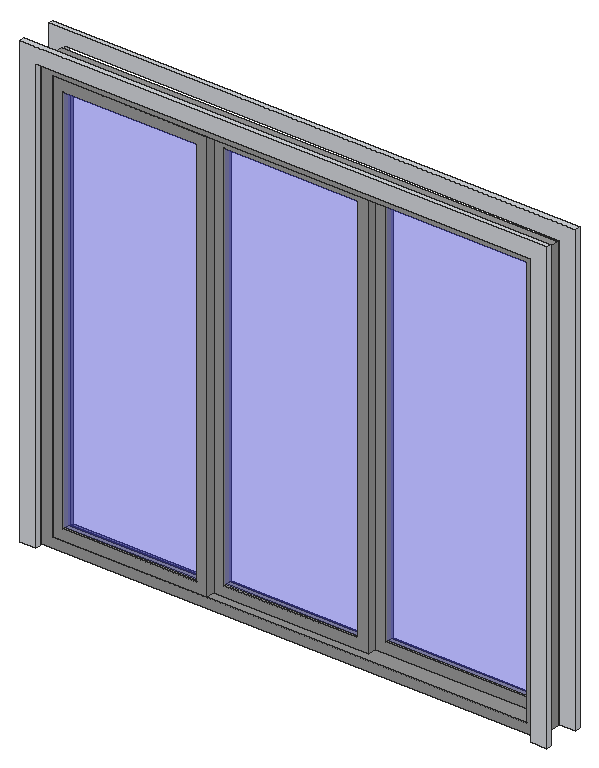
Revit family "Family75", category Doors, host Wall, Revit 2018
Family settings
  Host = Wall
  OmniClass Number = 23.30.10.00
  OmniClass Title = Doors
  Always vertical = Yes
  Cut with Voids When Loaded = No
  Shared = No
  Room Calculation Point = No
Parameters
  Visual Light Transmittance = 0
  URL = "www.skywardwindows.co.za"
  Thermal Resistance (R) = 0.2429 (m²·K)/W
  Telephone = "021 276 1800"
  Solar Heat Gain Coefficient = 0
  Manufacturer = "Skyward Windows"
  Heat Transfer Coefficient (U) = 4.1165 W/(m²·K)
  Glass Thickness = 4 mm
  Glass = Glass
  Function = Interior
  Frame Projection Ext. = 25 mm
  Frame Projection Int. = 25 mm
  Frame Width = 75 mm
  Height = 2090 mm
  Wall Closure = By host
  Width = 2390 mm
  Email Address = "info@skywardwindows.co.za"
  Door Thickness = 40.78 mm
  Door Frame = White
  Company Address = "Charles Matthews Street Atlantis 7349"
  Analytic Construction = "Metal frame, double glass door"
Reference planes
  plane 1: y = 0
  plane 2 "Center (Left/Right)": x = 0
  plane 3 "Left": x = -1195
  plane 4 "Right": x = 1195
  plane 5: z = 2090
  plane 6 "Exterior": y = 75
  plane 7 "Interior": y = -75
Forms (mm)
  Extrusion 1, solid
    sketch origin (-3050, -75, 0) x (1, 0, 0) y (0, 0, 1)
      loop
        line (1780, 0) -> (1855, 0) -> (1855, 2090) -> (4245, 2090) -> (4245, 0) -> (4320, 0) -> (4320, 2165) -> (1780, 2165) -> (1780, 0)
    from 0 to 25
  Extrusion 2, solid
    sketch origin (-3050, 75, 0) x (-1, 0, 0) y (0, 0, 1)
      loop
        line (-1855, 0) -> (-1780, 0) -> (-1780, 2165) -> (-4320, 2165) -> (-4320, 0) -> (-4245, 0) -> (-4245, 2090) -> (-1855, 2090) -> (-1855, 0)
    from 0 to 25
  Extrusion 3, solid, material "White" <- "Door Frame"
    sketch origin (0, -75, 0) x (1, 0, 0) y (0, 0, 1)
      loop
        line (-1195, 2090) -> (-1195, 0) -> (1195, 0) -> (1195, 2090) -> (-1195, 2090)
      loop
        line (-1145, 50) -> (1145, 50) -> (1145, 2040) -> (-1145, 2040) -> (-1145, 50)
    from -137 to -14.66
  Extrusion 4, solid, material "White" <- "Door Frame"
    sketch origin (0, -75, 0) x (1, 0, 0) y (0, 0, 1)
      loop
        line (-1145, 2040) -> (-1145, 50) -> (-399, 50) -> (-399, 2040) -> (-1145, 2040)
      loop
        line (-1095, 100) -> (-449, 100) -> (-449, 1990) -> (-1095, 1990) -> (-1095, 100)
    from -55.44 to -14.66
  Extrusion 5, solid, material "White" <- "Door Frame"
    sketch origin (746, -33, 0) x (1, 0, 0) y (0, 0, 1)
      loop
        line (-1145, 2040) -> (-1145, 50) -> (-399, 50) -> (-399, 2040) -> (-1145, 2040)
      loop
        line (-1095, 100) -> (-449, 100) -> (-449, 1990) -> (-1095, 1990) -> (-1095, 100)
    from -54.22 to -13.44
  Extrusion 6, solid, material "White" <- "Door Frame"
    sketch origin (1492, 9, 0) x (1, 0, 0) y (0, 0, 1)
      loop
        line (-1145, 2040) -> (-1145, 50) -> (-347, 50) -> (-347, 2040) -> (-1145, 2040)
      loop
        line (-1095, 100) -> (-397, 100) -> (-397, 1990) -> (-1095, 1990) -> (-1095, 100)
    from -53 to -12.22
  Extrusion 7, solid, material "Glass" <- "Glass"
    sketch origin (0, 0, 0) x (1, 0, 0) y (0, 1, 0)
      loop
        line (-1095, -25.84) -> (-1095, -29.84) -> (-449, -29.84) -> (-449, -25.84) -> (-1095, -25.84)
      loop
        line (-449, -49.84) -> (-1095, -49.84) -> (-1095, -53.84) -> (-449, -53.84) -> (-449, -49.84)
      loop
        line (-349, 14.94) -> (-349, 10.94) -> (297, 10.94) -> (297, 14.94) -> (-349, 14.94)
      loop
        line (297, -9.06) -> (-349, -9.06) -> (-349, -13.06) -> (297, -13.06) -> (297, -9.06)
      loop
        line (1095, 55.72) -> (397, 55.72) -> (397, 51.72) -> (1095, 51.72) -> (1095, 55.72)
      loop
        line (397, 31.72) -> (397, 27.72) -> (1095, 27.72) -> (1095, 31.72) -> (397, 31.72)
    from 100 to 1990
Lines and regions (mm)
  Opening 1
    outline origin (-3050, -75, 0) x (1, 0, 0) y (0, 0, 1)
      loop
        line (1855, 0) -> (4245, 0) -> (4245, 2090) -> (1855, 2090) -> (1855, 0)
  symbolic lines, style "Elevation Swing"
    curve 1: line (1195, -75, 1045) -> (-1195, -75, 2090)
    curve 2: line (1195, -75, 1045) -> (-1195, -75, 0)
Text (mm)
  text "Exterior" at (-2295.016, 1099.543, 0), in view "Ref. Level"
  text "Exterior" at (0, 1615.38, 3698.081), in view "Left"
  text "Exterior" at (0, 1036.032, 3874.932), in view "Right"
Dimensions and locks
  equal spacing: plane 3 "Left", plane 2 "Center (Left/Right)", plane 4 "Right"
  "Width": plane 3 "Left" to plane 4 "Right"
  "Height": plane 5 to host wall
  equal spacing: host wall, curve 2, plane 5
  host wall to plane 5 = 2090 mm
  "Frame Projection Ext.": Extrusion 2 to Extrusion 2
  "Frame Projection Int.": Extrusion 1 to Extrusion 1
  "Frame Width": plane 3 "Left" to Extrusion 1 sketch curve
  "Frame Width": plane 4 "Right" to Extrusion 1 sketch curve
  "Frame Width": Extrusion 1 sketch curve to plane 5
  "Frame Width": plane 4 "Right" to Extrusion 2 sketch curve
  "Frame Width": plane 3 "Left" to Extrusion 2 sketch curve
  "Frame Width": plane 5 to Extrusion 2 sketch curve
  locked: plane 6 "Exterior" to host wall at 0
  locked: plane 7 "Interior" to host wall
  "Door Thickness": Extrusion 4 to Extrusion 4
  "Door Thickness": Extrusion 5 to Extrusion 5
  "Door Thickness": Extrusion 6 to Extrusion 6
  "Glass Thickness": Extrusion 7 to Extrusion 7
  aligned and locked: plane 3 "Left" to Opening 1 sketch curve
  aligned and locked: plane 5 to Opening 1 sketch curve  (x2)
  aligned and locked: Opening 1 sketch curve to plane 4 "Right"
  aligned and locked: Opening 1 sketch curve to level
  aligned and locked: level to Extrusion 1 sketch curve
  aligned and locked: plane 5 to Extrusion 1 sketch curve  (x2)
  aligned and locked: Extrusion 1 sketch curve to plane 4 "Right"
  aligned and locked: plane 3 "Left" to Extrusion 1 sketch curve
  aligned and locked: plane 3 "Left" to Extrusion 2 sketch curve
  aligned and locked: plane 5 to Extrusion 2 sketch curve  (x2)
  aligned and locked: level to Extrusion 2 sketch curve
  aligned and locked: plane 5 to curve 1
  aligned and locked: plane 3 "Left" to curve 2
  aligned and locked: plane 1 to host wall
  aligned and locked: plane 3 "Left" to curve 1
  aligned and locked: Extrusion 5 to Extrusion 4
  aligned and locked: Extrusion 3 to Extrusion 6
  aligned and locked: Extrusion 6 to Extrusion 5
  aligned and locked: Extrusion 3 to Extrusion 4
  aligned and locked: Extrusion 7 to Extrusion 4  (x2)
Automatic sketch dimensions
  curve 2 to level = 0 mm
  plane 4 "Right" to curve 2 = 0 mm
  Extrusion 1 sketch curve to level = 0 mm
  plane 4 "Right" to Extrusion 2 sketch curve = 0 mm
  Extrusion 2 sketch curve to level = 0 mm
  Extrusion 3 sketch curve to level = 0 mm
  plane 3 "Left" to Extrusion 3 sketch curve = 0 mm
  plane 4 "Right" to Extrusion 3 sketch curve = 0 mm
  Extrusion 3 sketch curve to plane 5 = 0 mm
  Extrusion 3 sketch curve to plane 3 "Left" = 50 mm
  plane 4 "Right" to Extrusion 3 sketch curve = 50 mm
  level to Extrusion 3 sketch curve = 50 mm
  plane 5 to Extrusion 3 sketch curve = 50 mm
  Extrusion 4 sketch curve to plane 3 "Left" = 50 mm
  Extrusion 4 sketch curve to Extrusion 4 sketch curve = 50 mm  (x2)
  plane 5 to Extrusion 4 sketch curve = 100 mm
  Extrusion 4 sketch curve to plane 2 "Center (Left/Right)" = 449 mm
  level to Extrusion 4 sketch curve = 100 mm
  level to Extrusion 4 sketch curve = 50 mm
  plane 5 to Extrusion 4 sketch curve = 50 mm
  level to Extrusion 5 sketch curve = 50 mm
  Extrusion 5 sketch curve to plane 2 "Center (Left/Right)" = 399 mm
  Extrusion 5 sketch curve to Extrusion 5 sketch curve = 50 mm  (x3)
  plane 5 to Extrusion 5 sketch curve = 100 mm
  plane 2 "Center (Left/Right)" to Extrusion 5 sketch curve = 297 mm
  plane 5 to Extrusion 5 sketch curve = 50 mm
  level to Extrusion 6 sketch curve = 50 mm
  plane 2 "Center (Left/Right)" to Extrusion 6 sketch curve = 347 mm
  Extrusion 6 sketch curve to Extrusion 6 sketch curve = 50 mm  (x3)
  plane 4 "Right" to Extrusion 6 sketch curve = 100 mm
  plane 5 to Extrusion 6 sketch curve = 100 mm
  plane 5 to Extrusion 6 sketch curve = 50 mm
  host wall to Extrusion 7 sketch curve = 25.84 mm
  Extrusion 7 sketch curve to plane 3 "Left" = 100 mm
  Extrusion 7 sketch curve to Extrusion 7 sketch curve = 0 mm  (x6)
  Extrusion 7 sketch curve to plane 2 "Center (Left/Right)" = 449 mm
  Extrusion 7 sketch curve to host wall = 14.94 mm
  Extrusion 7 sketch curve to Extrusion 7 sketch curve = 100 mm  (x2)
  host wall to Extrusion 7 sketch curve = 9.06 mm
  plane 2 "Center (Left/Right)" to Extrusion 7 sketch curve = 297 mm
  Extrusion 7 sketch curve to host wall = 31.72 mm
  plane 4 "Right" to Extrusion 7 sketch curve = 100 mm
  Extrusion 7 sketch curve to Extrusion 7 sketch curve = 4 mm  (x6)
  Extrusion 7 sketch curve to Extrusion 7 sketch curve = 20 mm  (x2)
